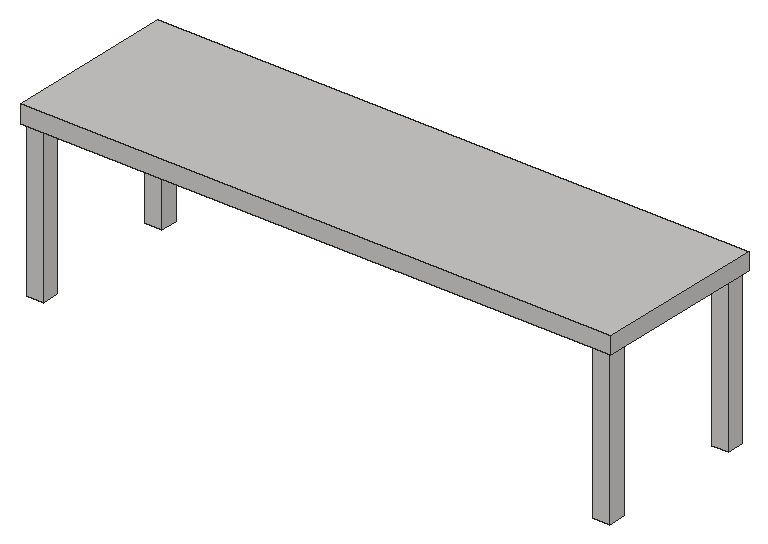
Revit family "QF_ZANUSSI_132990_OSH1L14", category Attrezzature speciali, Revit 2021
Family settings
  Quota connettore circolare = Usa diametro
  Tipo di parte = Normale
  Basato su piano di lavoro = No
  Sempre verticale = Sì
  Taglio con vuoti quando caricato = No
  Condiviso = No
  Punto di calcolo locali = No
Parameters (values of type "Standard")
  Weight = 22.00 kg
  Watts = 800 W
  Volts = 220 V
  URL Manufacturer = "http://www.zanussiprofessional.com"
  URL = "http://www.zanussiprofessional.com"
  Steam Supply Size = 0 mm
  Steam Supply Minimum Pressure = 0.0 Pa
  Steam Supply Maximum Pressure = 0.0 Pa
  Steam Consumption per Hour = 0
  Refrigeration Suction Line Size = 0.0 mm
  Refrigeration Liquid Line Size = 0.0 mm
  Refrigerant Compressor Remote = yes
  Prospetto di default = 0.0 mm
  Phase = 1
  Modello = "OSH1L14"
  Produttore = "Zanussi"
  Length Actual = 1375.0 mm  # constant formula
  Item Number = "132990"
  Hot Water Size = 0 mm
  Height Actual = 400.0 mm  # constant formula
  HP = "1.1 HP"
  Gas Size = 0 mm
  Gas KW = 0
  Gas Input Pressure = 0 W
  Direct Waste Size = 0 mm
  Descrizione = "OVERSHELF, LED&CERAMIC, ONE TIER, 1400MM"
  Depth Actual = 400.0 mm  # constant formula
  Cycle = 50 Hz
  Condensate Return Size = 0 mm
  Compressed Air Volume = 0.0 L/s
  Compressed Air Size = 0 mm
  Compressed Air Pressure = 0.0 Pa
  Cold Water Size = 0 mm
  Accessory = yes
Reference planes
  plane 1 "Center (Front/Back)": y = 0
  plane 2: z = 0
  plane 3 "Center (Left/Right)": x = -187.5
  plane 4 "LEFT": x = -875
  plane 5 "RIGHT": x = 500
  plane 6 "BACK": y = 350
  plane 7 "FRONT": y = -50
  plane 8 "Base": z = 1260
  plane 9 "TOP": z = 1300
  plane 10: x = -847.2
  plane 11: x = 472.2
  plane 12: y = 322.2
  plane 13: y = -22.2
  plane 14: z = 900
  plane 15 "HotElemLeft": x = -712.5
  plane 16 "HotElemRight": x = 337.5
  plane 17 "Button": x = 307.5
  plane 18 "Pulsante": through (0, 98.177, 1177.215) normal (0, 0.9659, -0.2588)
  plane 19: x = -682.5
  plane 20 "LedRight": x = 447.5
  plane 21 "LedLeft": x = -822.5
Forms (mm)
  Extrusion 1, solid, material "QF_Finishes_Stainless Steel"
    sketch origin (-187.5, 0, 900) x (0, 1, 0) y (0, 0, 1)
      loop
        line (-50, 360) -> (350, 360) -> (350, 400) -> (-50, 400) -> (-50, 360)
    from 687.5 to -687.5
  Extrusion 2, solid, material "QF_Finishes_Stainless Steel"
    sketch origin (-712.5, 0, 0) x (0, 0, -1) y (0, -1, 0)
      loop
        line (-1260, -125) -> (-1260, -175) -> (-1240, -175) -> (-1240, -185) -> (-1177.215, -201.823) -> (-1177.215, -189.823) -> (-1200.196, -170.54) -> (-1200.196, -129.46) -> (-1177.215, -110.177) -> (-1177.215, -98.177) -> (-1240, -115) -> (-1240, -125) -> (-1260, -125)
    from -2 to 0
  Extrusion 3, solid, material "QF_Finishes_Stainless Steel"
    sketch origin (337.5, 0, 0) x (0, 0, -1) y (0, -1, 0)
      loop
        line (-1260, -125) -> (-1260, -175) -> (-1240, -175) -> (-1240, -185) -> (-1177.215, -201.823) -> (-1177.215, -189.823) -> (-1200.196, -170.54) -> (-1200.196, -129.46) -> (-1177.215, -110.177) -> (-1177.215, -98.177) -> (-1240, -115) -> (-1240, -125) -> (-1260, -125)
    from 0 to 2
  Extrusion 4, solid, material "QF_Finishes_Stainless Steel"
    sketch origin (-187.5, 0, 0) x (0, 1, 0) y (0, 0, 1)
      loop
        line (175, 1260) -> (125, 1260) -> (125, 1240) -> (115, 1240) -> (98.177, 1177.215) -> (110.177, 1177.215) -> (110.177, 1179.215) -> (100.783, 1179.215) -> (116.535, 1238) -> (127, 1238) -> (127, 1258) -> (173, 1258) -> (173, 1238) -> (183.465, 1238) -> (199.217, 1179.215) -> (189.823, 1179.215) -> (189.823, 1177.215) -> (201.823, 1177.215) -> (185, 1240) -> (175, 1240) -> (175, 1260)
      loop
        line (170.54, 1200.196) -> (170.54, 1202.196) -> (129.46, 1202.196) -> (129.46, 1200.196) -> (170.54, 1200.196)
    from 523 to -523
  Extrusion 5, solid, material "QF_Plastic-Black-Matte"
    sketch origin (80.054, -206.22, 41.192) x (0, -0.258819, -0.965926) y (-1, 0, 0)
      loop
        line (-1235.373, -211.446) -> (-1235.373, -243.446) -> (-1215.373, -243.446) -> (-1215.373, -211.446) -> (-1235.373, -211.446)
      loop
        line (-1233.373, -213.446) -> (-1233.373, -241.446) -> (-1217.373, -241.446) -> (-1217.373, -213.446) -> (-1233.373, -213.446)
    from 0 to -2
  Sweep 6, solid, material "QF_Finishes_Green"
    path origin (80.054, -206.22, 41.192) x (0, -0.258819, -0.965926) y (-1, 0, 0)
      loop
        line (-1233.373, -213.446) -> (-1217.373, -213.446)
    profile origin (293.5, 110.93, 1224.811) x (-1, 0, 0) y (0, 0.965926, -0.258819)
      loop
        line (0, 0) -> (-28, 0) -> (-28, -2) -> (-14, -2) -> (-2.294, -8) -> (0, 0)
  Extrusion 7, solid, material "QF_Finishes_Light"
    sketch origin (-187.5, 0, 0) x (0, 1, 0) y (0, 0, 1)
      loop
        arc (175.262, 1176.834) -> (179.051, 1178.162) -> (178.135, 1182.071) r 3.003
        arc (178.135, 1182.071) -> (168.398, 1186.322) -> (158.051, 1188.738) r 58.388
        line (158.051, 1188.738) -> (158.051, 1200.196) -> (141.949, 1200.196) -> (141.949, 1189.541)
        arc (141.949, 1189.541) -> (131.603, 1187.125) -> (121.866, 1182.874) r 58.388
        arc (121.866, 1182.874) -> (120.548, 1178.491) -> (124.821, 1176.854) r 3.362
        arc (124.821, 1176.854) -> (150.044, 1183.315) -> (175.262, 1176.834) r 52.386
    from -495 to 495
  Extrusion 8, void
    sketch origin (-187.5, 0, 0) x (0, 1, 0) y (0, 0, 1)
      loop
        line (297.2, 1260) -> (297.2, 1270) -> (277.2, 1270) -> (277.2, 1260) -> (297.2, 1260)
    from -635 to 635
  Extrusion 9, solid, material "QF_Finishes_Light"
    sketch origin (-187.5, 0, 0) x (0, 1, 0) y (0, 0, 1)
      loop
        line (297.2, 1270) -> (277.2, 1270) -> (277.2, 1260) -> (297.2, 1260) -> (297.2, 1270)
    from -635 to 635
Cuts and joins
  Extrusion 8 cuts Extrusion 1
Lines and regions (mm)
  symbolic lines
    curve 1: line (500, 350, 1300) -> (-875, 350, 1300)
    curve 2: line (-875, 350, 1300) -> (-875, -50, 1300)
    curve 3: line (-875, -50, 1300) -> (500, -50, 1300)
    curve 4: line (500, -50, 1300) -> (500, 350, 1300)
    curve 5: line (-875, -50, 1300) -> (500, 350, 1300)
  symbolic lines, style "SpecialityEquipmentHiddenLines"
    curve 6: line (-867.2, -2.2, 1300) -> (-827.2, -2.2, 1300)
    curve 7: line (-827.2, -2.2, 1300) -> (-827.2, -42.2, 1300)
    curve 8: line (-827.2, -42.2, 1300) -> (-867.2, -42.2, 1300)
    curve 9: line (-867.2, -42.2, 1300) -> (-867.2, -2.2, 1300)
    curve 10: line (-867.2, 342.2, 1300) -> (-827.2, 342.2, 1300)
    curve 11: line (-827.2, 342.2, 1300) -> (-827.2, 302.2, 1300)
    curve 12: line (-827.2, 302.2, 1300) -> (-867.2, 302.2, 1300)
    curve 13: line (-867.2, 302.2, 1300) -> (-867.2, 342.2, 1300)
    curve 14: line (452.2, 342.2, 1300) -> (492.2, 342.2, 1300)
    curve 15: line (492.2, 342.2, 1300) -> (492.2, 302.2, 1300)
    curve 16: line (492.2, 302.2, 1300) -> (452.2, 302.2, 1300)
    curve 17: line (452.2, 302.2, 1300) -> (452.2, 342.2, 1300)
    curve 18: line (452.2, -2.2, 1300) -> (492.2, -2.2, 1300)
    curve 19: line (492.2, -2.2, 1300) -> (492.2, -42.2, 1300)
    curve 20: line (492.2, -42.2, 1300) -> (452.2, -42.2, 1300)
    curve 21: line (452.2, -42.2, 1300) -> (452.2, -2.2, 1300)
Dimensions and locks
  plane 4 "LEFT" to plane 5 "RIGHT" = 1375.0 mm
  equal spacing: plane 4 "LEFT", plane 3 "Center (Left/Right)", plane 5 "RIGHT"
  plane 4 "LEFT" to plane 10 = 27.8 mm
  plane 11 to plane 5 "RIGHT" = 27.8 mm
  plane 10 to plane 11 = 1319.4 mm
  plane 6 "BACK" to plane 12 = 27.8 mm
  plane 13 to plane 7 "FRONT" = 27.8 mm
  plane 6 "BACK" to plane 7 "FRONT" = 400.0 mm
  plane 12 to plane 13 = 344.4 mm
  plane 6 "BACK" to plane 1 "Center (Front/Back)" to plane 7 "FRONT" = 350.0 mm, 50.0 mm
  plane 14 to level = 900.0 mm
  locked: plane 8 "Base" to plane 14 at 360
  locked: plane 9 "TOP" to plane 14 at 400
  plane 3 "Center (Left/Right)" to plane 15 "HotElemLeft" = 525.0 mm
  plane 16 "HotElemRight" to plane 3 "Center (Left/Right)" = 525.0 mm
  locked: plane 17 "Button" to plane 16 "HotElemRight" at 30
  locked: plane 15 "HotElemLeft" to plane 19 at 30
  plane 3 "Center (Left/Right)" to plane 21 "LedLeft" = 635.0 mm
  plane 20 "LedRight" to plane 3 "Center (Left/Right)" = 635.0 mm
  aligned and locked: level to plane 2
  aligned and locked: plane 10 to nested 1
  aligned and locked: nested 1 to plane 13
  aligned and locked: plane 11 to nested 2
  aligned and locked: nested 2 to plane 13
  aligned and locked: plane 11 to nested 4
  aligned and locked: nested 4 to plane 12
  aligned and locked: plane 10 to nested 3
  aligned and locked: nested 3 to plane 12
  aligned and locked: Extrusion 1 to plane 4 "LEFT"
  aligned and locked: plane 5 "RIGHT" to Extrusion 1
  aligned and locked: curve 2 to plane 4 "LEFT"
  aligned and locked: plane 15 "HotElemLeft" to Extrusion 2
  aligned and locked: Extrusion 3 to plane 16 "HotElemRight"
  aligned and locked: Extrusion 4 to Extrusion 2
  aligned and locked: Extrusion 4 to Extrusion 3
  aligned and locked: plane 17 "Button" to Sweep 6
  aligned and locked: Extrusion 7 to plane 19
  aligned and locked: plane 17 "Button" to Extrusion 7
  aligned and locked: cut or joined group of Extrusion 1, Extrusion 8 to plane 21 "LedLeft"
  aligned and locked: plane 20 "LedRight" to cut or joined group of Extrusion 1, Extrusion 8
  aligned and locked: Extrusion 9 to plane 21 "LedLeft"
  aligned and locked: plane 20 "LedRight" to Extrusion 9
Automatic sketch dimensions
  curve 4 to plane 5 "RIGHT" = 0.0 mm
  curve 4 to plane 7 "FRONT" = 0.0 mm
  curve 4 to plane 6 "BACK" = 0.0 mm
  plane 7 "FRONT" to curve 20 = 7.8 mm
  plane 7 "FRONT" to curve 9 = 7.8 mm
  plane 1 "Center (Front/Back)" to curve 6 = 2.2 mm
  plane 1 "Center (Front/Back)" to curve 21 = 2.2 mm
  curve 11 to plane 12 = 20.0 mm
  curve 17 to plane 12 = 20.0 mm
  curve 15 to plane 6 "BACK" = 7.8 mm
  curve 13 to plane 6 "BACK" = 7.8 mm
  curve 19 to plane 5 "RIGHT" = 7.8 mm
  curve 15 to plane 5 "RIGHT" = 7.8 mm
  curve 16 to plane 11 = 20.0 mm
  curve 18 to plane 11 = 20.0 mm
  plane 10 to curve 11 = 20.0 mm
  plane 10 to curve 6 = 20.0 mm
  plane 4 "LEFT" to curve 9 = 7.8 mm
  plane 4 "LEFT" to curve 10 = 7.8 mm
  Extrusion 1 sketch curve to plane 7 "FRONT" = 0.0 mm
  Extrusion 1 sketch curve to plane 6 "BACK" = 0.0 mm
  Extrusion 1 sketch curve to plane 8 "Base" = 0.0 mm
  Extrusion 1 sketch curve to plane 9 "TOP" = 0.0 mm
  Extrusion 2 sketch curve to plane 8 "Base" = 0.0 mm
  Extrusion 2 sketch curve to plane 8 "Base" = 20.0 mm  (x2)
  Extrusion 2 sketch curve to Extrusion 2 sketch curve = 39.804 mm
  Extrusion 2 sketch curve to Extrusion 2 sketch curve = 22.981 mm  (x2)
  Extrusion 2 sketch curve to plane 12 = 120.377 mm
  Extrusion 2 sketch curve to Extrusion 2 sketch curve = 12.0 mm  (x2)
  Extrusion 2 sketch curve to Extrusion 2 sketch curve = 4.823 mm
  Extrusion 2 sketch curve to Extrusion 2 sketch curve = 10.0 mm  (x2)
  Extrusion 2 sketch curve to Extrusion 2 sketch curve = 19.284 mm  (x2)
  Extrusion 2 sketch curve to Extrusion 2 sketch curve = 41.079 mm
  Extrusion 2 sketch curve to Extrusion 2 sketch curve = 50.0 mm
  Extrusion 3 sketch curve to plane 8 "Base" = 0.0 mm
  Extrusion 3 sketch curve to Extrusion 3 sketch curve = 20.0 mm
  Extrusion 3 sketch curve to plane 8 "Base" = 20.0 mm
  Extrusion 3 sketch curve to Extrusion 3 sketch curve = 39.804 mm
  Extrusion 3 sketch curve to Extrusion 3 sketch curve = 22.981 mm  (x2)
  Extrusion 3 sketch curve to plane 12 = 120.377 mm
  Extrusion 3 sketch curve to Extrusion 3 sketch curve = 12.0 mm  (x2)
  Extrusion 3 sketch curve to Extrusion 3 sketch curve = 4.823 mm
  Extrusion 3 sketch curve to Extrusion 3 sketch curve = 10.0 mm  (x2)
  Extrusion 3 sketch curve to Extrusion 3 sketch curve = 19.284 mm  (x2)
  Extrusion 3 sketch curve to Extrusion 3 sketch curve = 41.079 mm
  Extrusion 3 sketch curve to Extrusion 3 sketch curve = 50.0 mm
  plane 17 "Button" to Extrusion 5 sketch curve = 16.0 mm
  Extrusion 5 sketch curve to Extrusion 5 sketch curve = 20.0 mm
  Extrusion 5 sketch curve to Extrusion 5 sketch curve = 32.0 mm
  Extrusion 5 sketch curve to Extrusion 5 sketch curve = 2.0 mm  (x4)
  Sweep 6 sketch curve to plane 17 "Button" = 14.0 mm
  Sweep 6 sketch curve to Sweep 6 sketch curve = 16.0 mm
  plane 18 "Pulsante" to Sweep 6 sketch curve = 0.0 mm
  Sweep 6 sketch curve to profile plane = 0.0 mm
  Sweep 6 sketch curve to plane 18 "Pulsante" = 2.0 mm
  profile plane to Sweep 6 sketch curve = 14.0 mm
  Sweep 6 sketch curve to Sweep 6 sketch curve = 14.0 mm
  profile plane to Sweep 6 sketch curve = 2.294 mm
  Sweep 6 sketch curve to plane 18 "Pulsante" = 8.0 mm
  Extrusion 7 sketch curve to Extrusion 7 sketch curve = 0.021 mm
  Extrusion 7 sketch curve to plane 1 "Center (Front/Back)" = 123.566 mm
  Extrusion 7 sketch curve to Extrusion 7 sketch curve = 18.383 mm
  Extrusion 7 sketch curve to Extrusion 7 sketch curve = 16.102 mm
  Extrusion 7 sketch curve to Extrusion 7 sketch curve = 18.367 mm
  Extrusion 7 sketch curve to plane 8 "Base" = 129.071 mm
  Extrusion 7 sketch curve to Extrusion 7 sketch curve = 1.7 mm
  Extrusion 7 sketch curve to Extrusion 7 sketch curve = 1.255 mm
  Extrusion 7 sketch curve to Extrusion 7 sketch curve = 1.156 mm
  Extrusion 7 sketch curve to Extrusion 7 sketch curve = 1.717 mm
  Extrusion 7 sketch curve to Extrusion 7 sketch curve = 3.119 mm
  Extrusion 7 sketch curve to Extrusion 7 sketch curve = 0.023 mm
  Extrusion 7 sketch curve to Extrusion 7 sketch curve = 25.18 mm
  Extrusion 7 sketch curve to Extrusion 7 sketch curve = 48.677 mm
  Extrusion 7 sketch curve to Extrusion 7 sketch curve = 11.458 mm
  Extrusion 7 sketch curve to Extrusion 7 sketch curve = 0.024 mm
  Extrusion 7 sketch curve to Extrusion 7 sketch curve = 0.782 mm
  Extrusion 7 sketch curve to Extrusion 7 sketch curve = 0.367 mm
  plane 18 "Pulsante" to Extrusion 4 sketch curve = 0.0 mm  (x2)
  Extrusion 4 sketch curve to plane 8 "Base" = 0.0 mm
  Extrusion 4 sketch curve to plane 8 "Base" = 82.785 mm
  Extrusion 4 sketch curve to Extrusion 4 sketch curve = 2.606 mm  (x2)
  Extrusion 4 sketch curve to Extrusion 4 sketch curve = 9.394 mm  (x2)
  Extrusion 4 sketch curve to plane 8 "Base" = 20.0 mm  (x2)
  Extrusion 4 sketch curve to Extrusion 4 sketch curve = 1.535 mm  (x2)
  Extrusion 4 sketch curve to Extrusion 4 sketch curve = 8.465 mm  (x2)
  Extrusion 4 sketch curve to Extrusion 4 sketch curve = 2.0 mm  (x6)
  Extrusion 4 sketch curve to Extrusion 4 sketch curve = 19.284 mm  (x2)
  Extrusion 4 sketch curve to plane 8 "Base" = 22.0 mm
  Extrusion 4 sketch curve to Extrusion 4 sketch curve = 46.0 mm
  Extrusion 4 sketch curve to Extrusion 4 sketch curve = 6.358 mm
  Extrusion 4 sketch curve to Extrusion 4 sketch curve = 60.785 mm
  Extrusion 4 sketch curve to Extrusion 4 sketch curve = 20.981 mm
  Extrusion 4 sketch curve to plane 8 "Base" = 2.0 mm
  Extrusion 8 sketch curve to plane 8 "Base" = 0.0 mm
  plane 8 "Base" to Extrusion 8 sketch curve = 10.0 mm
  Extrusion 8 sketch curve to plane 12 = 45.0 mm
  Extrusion 8 sketch curve to Extrusion 8 sketch curve = 20.0 mm
  Extrusion 9 sketch curve to plane 8 "Base" = 0.0 mm
  plane 8 "Base" to Extrusion 9 sketch curve = 10.0 mm
  Extrusion 9 sketch curve to plane 12 = 45.0 mm
  Extrusion 9 sketch curve to Extrusion 9 sketch curve = 20.0 mm
Nested families
  nested 1: "FEET_40x40_H360" at (-847.2, -22.2, 900), type "FEET_40x40_H360"
  nested 2: "FEET_40x40_H360" at (472.2, -22.2, 900), type "FEET_40x40_H360"
  nested 3: "FEET_40x40_H360" at (-847.2, 322.2, 900), type "FEET_40x40_H360"
  nested 4: "FEET_40x40_H360" at (472.2, 322.2, 900), type "FEET_40x40_H360"
Connectors
  electrical at (307.5, 108.998, 1225.328), driven by "Volts"
    settings: on Extrusion 5, index 1, voltage 220 V, apparent load 0 VA, apparent load phase1 0 VA, apparent load phase2 0 VA, apparent load phase3 0 VA, power factor 1, load classification "Other", number of poles 1, system type 30, power factor state 1, is connector primary yes, connector utility no, sub classification motor no, connector description "Electrical Connection"
Definition of nested family "FEET_40x40_H360"
  Parameters
    Default Elevation = 0.0 mm
    FEET = 360.0 mm
  Reference planes
    plane 1 "Center (Front/Back)": y = 0
    plane 2: z = 0
    plane 3 "Center (Left/Right)": x = 0
    plane 4: z = 360
  Forms (mm)
    Extrusion 1, solid
      sketch origin (0, 0, 0) x (1, 0, 0) y (0, 1, 0)
        loop
          line (-20, -20) -> (20, -20) -> (20, 20) -> (-20, 20) -> (-20, -20)
      from 0 to 360
  Lines and regions (mm)
    symbolic lines
      curve 1: line (0, -1.503, 0) -> (0, 1.508, 0)
      curve 2: line (1.561, 0, 0) -> (-1.439, 0, 0)
  Dimensions and locks
    "FEET": plane 4 to plane 2
    aligned and locked: level to plane 2
  Automatic sketch dimensions
    plane 1 "Center (Front/Back)" to curve 2 = 0.0 mm
    curve 1 to plane 3 "Center (Left/Right)" = 0.0 mm
    curve 2 to plane 3 "Center (Left/Right)" = 1.439 mm
    plane 3 "Center (Left/Right)" to curve 2 = 1.561 mm
    plane 1 "Center (Front/Back)" to curve 1 = 1.503 mm
    curve 1 to plane 1 "Center (Front/Back)" = 1.508 mm
    Extrusion 1 sketch curve to plane 3 "Center (Left/Right)" = 20.0 mm
    plane 3 "Center (Left/Right)" to Extrusion 1 sketch curve = 20.0 mm
    plane 1 "Center (Front/Back)" to Extrusion 1 sketch curve = 20.0 mm
    Extrusion 1 sketch curve to plane 1 "Center (Front/Back)" = 20.0 mm
